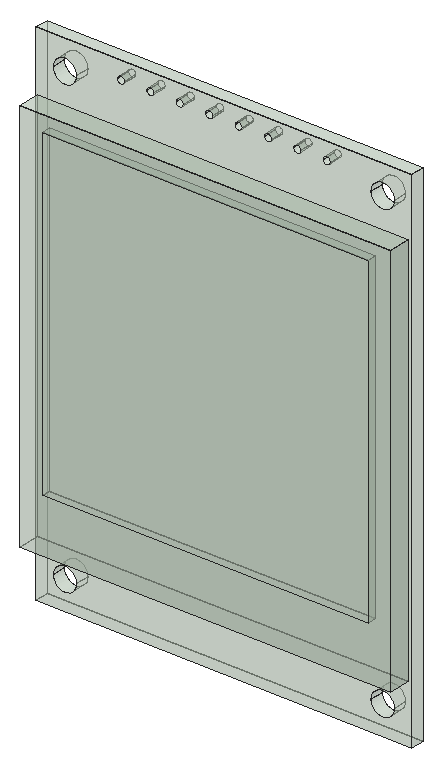
Revit family "1.54TFT_SCREEN", category Sistema de mobiliário, Revit 2024
Family settings
  Cota do conector redondo = Utilizar diâmetro
  Tipo de parte = Normal
  Com base no plano de trabalho = Não
  Ativar corte nas vistas = Não
  Sempre na vertical = Sim
  Corte com vazios quando carregada = Não
  Compartilhado = Não
  Ponto de cálculo do ambiente = Não
Parameters
  Elevação padrão = 0 mm
Reference planes
  plane 1 "Centro (Frente/Trás)": y = 0
  plane 2: z = 0
  plane 3 "Centro (Esquerda/Direita)": x = 0
Forms (mm)
  Extrusion 1, solid, material ".VIDRO"
    sketch origin (0, 0, 0) x (1, 0, 0) y (0, 1, 0)
      loop
        line (-16, 0) -> (-16, -1.2) -> (16, -1.2) -> (16, 0) -> (-16, 0)
    from 0 to 43.7
  Extrusion 2, void
    sketch origin (0, 0, 0) x (1, 0, 0) y (0, 0, 1)
      loop
        circle (13.5, 2.5) r 1
      loop
        circle (13.5, 41.2) r 1
      loop
        circle (-13.5, 41.2) r 1
      loop
        circle (-13.5, 2.5) r 1
    from -1.039 to 3.2
  Extrusion 3, solid, material ".VIDRO"
    sketch origin (0, -0.1, 0) x (1, 0, 0) y (0, 1, 0)
      loop
        line (-15.76, -1.2) -> (-15.76, -3.1) -> (15.76, -3.1) -> (15.76, -1.2) -> (-15.76, -1.2)
    from 5 to 38.7
  Extrusion 4, void
    sketch origin (-1.25, 0, 0) x (1, 0, 0) y (0, 0, 1)
      loop
        circle (0, 42.2) r 0.3
      loop
        circle (2.5, 42.2) r 0.3
      loop
        circle (5, 42.2) r 0.3
      loop
        circle (7.5, 42.2) r 0.3
      loop
        circle (10, 42.2) r 0.3
      loop
        circle (-2.5, 42.2) r 0.3
      loop
        circle (-5, 42.2) r 0.3
      loop
        circle (-7.5, 42.2) r 0.3
    from -1.039 to 3.2
  Extrusion 5, solid, material ".VIDRO"
    sketch origin (0.375, -0.1, 9.599) x (1, 0, 0) y (0, 1, 0)
      loop
        line (-14.235, -2.259) -> (-14.235, -3.1) -> (13.485, -3.1) -> (13.485, -2.259) -> (-14.235, -2.259)
    from 0 to 27.7
Cuts and joins
  Extrusion 2, Extrusion 4 cuts Extrusion 1
Dimensions and locks
  Extrusion 1 to level = 43.7 mm
  Extrusion 1 to Extrusion 1 = 32 mm
  Extrusion 1 to Extrusion 1 = 1.2 mm
  cut or joined group of Extrusion 1, Extrusion 2, Extrusion 4 to Extrusion 3 = 5 mm
  aligned and locked: level to plane 2
